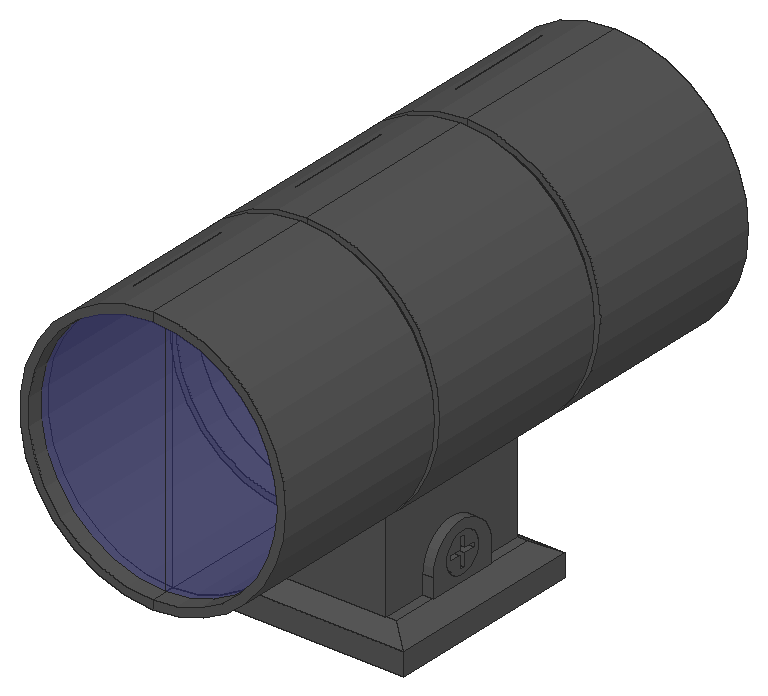
Revit family "CARLO CYLINDER LIGHT WALL MOUNT", category Lighting Fixtures, host Face, Revit 2020 (continued)
Types (10): name | Wattage_Input | Wattage Comments | Wattage | Photometric Web File | built-in parameter 1150142 | Model | built-in parameter 1150105 | Lumens | Light Length 1 | LIGHT RADIUS | LIGHT PLACEMENT | LIGHT LENGTH | LIGHT DIA | built-in parameter 1150106 | FIXED END HEIGHT | Curve base Height | Base Curve | BEAMING ANGLE | Apparent Load
    .38183 \r\n 0.42295 0.46685 0.52619 0.61876 0.72426 0.82577 0.93084 1.0386 1.1574 1.3043 \r\n 1.4523 1.5667 1.688 1.8596 2.0381 2.1894 2.3295 2.4567 2.59 2.7595 \r\n 2.9301 3.0696 3.1991 3.3258 3.4581 3.6089 3.7711 3.9441 4.1208 4.2875 \r\n 4.463 4.6552 4.8828 5.1297 5.5076 6.1471 6.9759 8.0071 9.1156 10.17 \r\n 11.202 12.112 13.166 14.41 16.406 19.865 24.386 29.866 36.118 42.996 \r\n 50.265 57.665 65.122 72.516 79.737 86.599 93.219 99.702 105.9 111.86 \r\n 117.14 121.25 124.33 126.17 127.33 128.31 129.13 130 130.89 131.86 \r\n 132.83 133.72 134.61 135.61 136.64 137.63 138.66 139.82 141.07 142.33 \r\n 143.76 145.52 147.55 149.8 152.43 155.6 159.32 163.55 168.65 174.95 \r\n 182.45 191.08 201.33 213.62 228.03 244.75 263.93 285.48 310.25 339.55 \r\n 371.94 406.26 443.11 482.8 525.03 569.88 616.44 663.88 712.07 760.56 \r\n 809.47 858.86 908.49 958.51 1007.7 1055.2 1100.4 1142.6 1180.8 1213 \r\n 1241.6 1268.6 1294 1318.7 1342.9 1367.9 1391.4 1411.7 1428.6 1441.2 \r\n 1452.3 \r\n1448.4 1444.8 1436.6 1424.2 1408.7 1390.7 1370.7 1349.9 1326.7 1300.1 \r\n 1270.7 1239 1203.9 1163.2 1119.2 1074 1026.8 977.57 927.33 877.33 \r\n 827.14 776.46 726.1 676.81 628.54 581.17 535.59 492.79 452.39 414.27 \r\n 378.58 344.48 314.82 294.06 276.59 257.83 239.25 219.75 202.55 191.68 \r\n 183.66 176.15 169.77 164.42 159.91 156 152.69 149.9 147.5 145.3 \r\n 143.34 141.59 140.07 138.83 137.7 136.53 135.38 134.3 133.25 132.23 \r\n 131.24 130.3 129.4 128.56 127.7 126.79 125.78 124.71 123.36 121.67 \r\n 119.18 115.18 110.25 104.75 98.716 92.317 85.473 77.978 70.371 63.281 \r\n 56.235 48.812 41.478 34.5 28.057 22.353 17.586 14.084 11.661 10.531 \r\n 9.8297 8.5613 7.3301 6.4536 5.7958 5.3447 5.0456 4.8659 4.7276 4.5259 \r\n 4.308 4.0722 3.8597 3.7308 3.6264 3.5039 3.3738 3.2254 3.0794 2.9628 \r\n 2.8468 2.7071 2.5564 2.3927 2.2363 2.1195 2.0044 1.8535 1.6976 1.559 \r\n 1.4252 1.2903 1.1571 1.024 0.89821 0.78874 0.68763 0.58673 0.49558 0.4222 \r\n 0.36294 0.31788 0.28385 0.25897 0.23947 0.21944 0.20348 0.19717 0.1917 0.17775 \r\n 0.16325 0.15393 0.14708 0.14274 0.13846 0.13132 0.12286 0.11276 0.10359 0.099336 \r\n 0.095472 0.087424 0.079359 0.074545 0.071101 0.069427 0.065941 0.055484 0.043174 0.032475 \r\n 0.023185 0.016702 0.0117 0.006992 0.0035606 0.0024808 0.0022895 0.0017011 0.0012585 0.0012127 \r\n 0.0011534 0.00057788 0.000014 0 0 0 0 0 0 0 \r\n 0 0 0 0 0 0 0 0 0.00017022 0.0091247 \r\n 0.018498 0.020715 0.022016 0.026993 0.03301 0.038891 0.044846 0.050821 0.056426 0.060501 \r\n 0.065299 0.073804 0.082654 0.088823 0.094283 0.10013 0.10596 0.11147 0.11748 0.12496 \r\n 0.13316 0.14206 0.15041 0.15609 0.16168 0.16949 0.17827 0.18796 0.19728 0.2039 \r\n 0.21096 0.22151 0.23354 0.24654 0.2625 0.28475 0.30862 0.3278 0.35058 0.38435 \r\n 0.42555 0.46849 0.52695 0.61979 0.72601 0.82897 0.93443 1.0383 1.1535 1.3025 \r\n 1.4531 1.565 1.6841 1.8584 2.0406 2.1933 2.3336 2.4589 2.5908 2.7626 \r\n 2.9361 3.0765 3.2062 3.3327 3.4648 3.6165 3.7799 3.9539 4.1315 4.2986 \r\n 4.4755 4.6722 4.9065 5.1675 5.5512 6.1655 6.9632 7.9811 9.0745 10.096 \r\n 11.091 11.987 12.998 14.11 15.94 19.216 23.596 29.065 35.369 42.352 \r\n 49.707 57.058 64.447 71.846 79.097 85.985 92.654 99.25 105.54 111.45 \r\n 116.69 120.97 124.23 126.13 127.32 128.32 129.15 130.03 130.93 131.9 \r\n 132.87 133.75 134.63 135.64 136.67 137.63 138.64 139.78 141.01 142.23 \r\n 143.61 145.35 147.35 149.52 152.07 155.16 158.81 162.94 167.94 174.16 \r\n 181.57 190.1 200.23 212.35 226.58 243.13 262.14 283.56 308.17 337.15 \r\n 369.23 403.39 440.08 479.48 521.42 566.11 612.57 659.88 707.99 756.49 \r\n 805.42 854.74 904.28 954.22 1003.4 1050.9 1096.2 1138.8 1177.4 1209.7 \r\n 1238.3 1265.3 1290.9 1315.5 1339.7 1365.2 1389.4 1410.2 1427.6 1440.9 \r\n 1452.3 \r\n1448.4 1443.2 1434 1421 1405.1 1387.1 1366.9 1345.1 1321 1293.8 \r\n 1263.9 1231.6 1195.8 1155 1111.1 1065.9 1018.9 969.95 919.97 869.96 \r\n 819.63 768.7 718.14 668.87 620.76 573.78 528.65 486.16 446.08 408.35 \r\n 373.14 339.81 310.65 289.2 271.04 252.58 234.83 216.72 200.84 190.36 \r\n 182.44 175.09 168.84 163.63 159.23 155.38 152.11 149.4 147.06 144.91 \r\n 142.99 141.31 139.84 138.62 137.51 136.38 135.27 134.18 133.12 132.11 \r\n 131.15 130.25 129.38 128.55 127.7 126.77 125.76 124.71 123.35 121.56 \r\n 118.91 114.74 109.64 103.95 97.778 91.399 84.595 77.039 69.34 62.119 \r\n 55.013 47.759 40.669 33.896 27.657 22.142 17.584 14.398 12.234 11.102 \r\n 10.339 9.1365 7.942 6.9435 6.1146 5.5012 5.0746 4.8696 4.7419 4.5367 \r\n 4.3191 4.0934 3.8872 3.7426 3.62 3.4927 3.3636 3.2227 3.0825 2.9579 \r\n 2.8317 2.6879 2.5377 2.3833 2.2348 2.1113 1.9875 1.836 1.6827 1.5498 \r\n 1.4205 1.2818 1.1448 1.0168 0.89656 0.78551 0.68234 0.58421 0.49715 0.4276 \r\n 0.37151 0.32771 0.29394 0.26869 0.24859 0.22831 0.21229 0.20633 0.20097 0.18677 \r\n 0.17192 0.16251 0.15546 0.15027 0.14532 0.13849 0.13073 0.12155 0.11311 0.10871 \r\n 0.10447 0.096311 0.088106 0.083041 0.079061 0.075883 0.071386 0.062351 0.051795 0.041305 \r\n 0.03195 0.026005 0.021441 0.016651 0.01265 0.010239 0.0084615 0.0063901 0.0047449 0.004368 \r\n 0.0039659 0.0019609 0.000047 0 0 0 0 0 0 0 \r\n 0 0 0 0 0 0 0 0 0.00013131 0.0070666 \r\n 0.014265 0.015747 0.016501 0.0201 0.024814 0.030259 0.035986 0.041297 0.046556 0.051285 \r\n 0.057304 0.067758 0.078203 0.084171 0.088874 0.094284 0.099657 0.10459 0.11003 0.11683 \r\n 0.12481 0.13499 0.14454 0.14957 0.15435 0.16274 0.17203 0.18057 0.18906 0.19759 \r\n 0.20637 0.21524 0.22543 0.23917 0.25567 0.27519 0.29671 0.3179 0.34287 0.37497 \r\n 0.4142 0.45742 0.51737 0.6134 0.7225 0.82505 0.93029 1.038 1.157 1.3064 \r\n 1.4558 1.5652 1.6827 1.8616 2.0476 2.1957 2.3317 2.4621 2.6003 2.7741 \r\n 2.9473 3.0844 3.211 3.3392 3.4743 3.6282 3.7938 3.9701 4.1515 4.3261 \r\n 4.5114 4.7119 4.9537 5.238 5.644 6.2643 7.0603 8.0724 9.1562 10.164 \r\n 11.146 12.039 13.026 14.048 15.763 18.892 23.193 28.804 35.301 42.414 \r\n 49.82 57.031 64.268 71.675 78.997 85.992 92.768 99.438 105.75 111.52 \r\n 116.63 120.95 124.3 126.21 127.41 128.47 129.37 130.27 131.16 132.12 \r\n 133.08 133.95 134.84 135.86 136.9 137.84 138.81 139.94 141.14 142.34 \r\n 143.71 145.42 147.39 149.53 152.05 155.14 158.78 162.88 167.84 174.02 \r\n 181.39 189.76 200 213.23 228.58 245.43 264.15 284.35 307.68 336.28 \r\n 368.33 402.64 439.49 478.8 520.53 564.89 611.07 658.39 706.62 755.28 \r\n 804.37 853.72 903.21 952.99 1002 1049.7 1095.1 1137.6 1176.1 1208.2 \r\n 1236.8 1263.8 1289.2 1313.8 1338.1 1363.9 1388.6 1409.8 1427.7 1441.2 \r\n 1452.3 \r\n1448.4 1441.6 1431.4 1417.7 1401.4 1383.2 1362.7 1339.9 1314.7 1287 \r\n 1256.7 1223.8 1187.5 1146.5 1102.7 1057.6 1010.7 962.11 912.41 862.38 \r\n 811.9 760.73 709.97 660.71 612.79 566.23 521.57 479.39 439.61 402.28 \r\n 367.54 335.05 306.39 284.01 264.89 246.65 229.76 213.32 199.02 188.96 \r\n 181.08 173.91 167.81 162.74 158.45 154.67 151.45 148.8 146.54 144.43 \r\n 142.56 140.95 139.55 138.36 137.28 136.2 135.13 134.03 132.97 131.99 \r\n 131.06 130.19 129.36 128.56 127.72 126.8 125.78 124.76 123.39 121.48 \r\n 118.66 114.31 109.04 103.16 96.834 90.461 83.693 76.098 68.328 60.965 \r\n 53.783 46.705 39.876 33.34 27.334 22.012 17.669 14.828 12.951 11.817 \r\n 10.99 9.8693 8.7238 7.5905 6.5642 5.7492 5.155 4.8966 4.7614 4.5509 \r\n 4.338 4.1243 3.925 3.7617 3.6171 3.4829 3.3539 3.2211 3.0874 2.9542 \r\n 2.8169 2.6686 2.5185 2.3741 2.2339 2.1034 1.9703 1.8174 1.6661 1.5397 \r\n 1.416 1.2735 1.1327 1.0097 0.89502 0.78311 0.67858 0.58313 0.49996 0.4344 \r\n 0.38167 0.33918 0.30566 0.27997 0.2592 0.23871 0.22262 0.2168 0.21137 0.19714 \r\n 0.18225 0.1729 0.16569 0.15948 0.15365 0.14709 0.14007 0.13195 0.12434 0.11961 \r\n 0.11479 0.10658 0.098311 0.092926 0.088279 0.083352 0.077702 0.070355 0.061877 0.051669 \r\n 0.042239 0.036819 0.03264 0.027638 0.022931 0.019128 0.01569 0.011956 0.0088958 0.0079819 \r\n 0.007047 0.0034552 0.000084 0 0 0 0 0 0 0 \r\n 0 0 0 0 0 0 0 0 0.000085 0.0046053 \r\n 0.0092418 0.0099949 0.010258 0.012303 0.015493 0.020316 0.025671 0.030257 0.035165 0.040573 \r\n 0.047916 0.060592 0.07288 0.078658 0.082535 0.087436 0.092292 0.096684 0.10158 0.10766 \r\n 0.11532 0.12659 0.13722 0.14175 0.14588 0.15484 0.16459 0.17196 0.17964 0.19023 \r\n 0.20084 0.20791 0.21605 0.2304 0.24723 0.26351 0.28228 0.30579 0.33332 0.36349 \r\n 0.4005 0.44443 0.50637 0.60571 0.71765 0.81935 0.92436 1.0376 1.1621 1.3113 \r\n 1.4588 1.566 1.6825 1.8654 2.0546 2.1968 2.3279 2.4646 2.6106 2.7861 \r\n 2.9583 3.0912 3.2143 3.3446 3.4833 3.6393 3.8068 3.9844 4.1688 4.3518 \r\n 4.5462 4.7502 4.9984 5.304 5.7301 6.3549 7.1463 8.1438 9.2107 10.209 \r\n 11.182 12.074 13.043 13.997 15.623 18.623 22.858 28.626 35.322 42.547 \r\n 49.982 57.046 64.129 71.546 78.947 86.072 92.976 99.717 106.03 111.67 \r\n 116.64 120.98 124.38 126.29 127.49 128.64 129.62 130.53 131.41 132.35 \r\n 133.29 134.17 135.06 136.09 137.14 138.06 139.02 140.12 141.3 142.49 \r\n 143.84 145.53 147.48 149.61 152.12 155.22 158.86 162.95 167.88 174.03 \r\n 181.38 189.57 199.97 214.5 231.17 248.41 266.84 285.65 307.54 335.76 \r\n 367.83 402.36 439.45 478.72 520.27 564.29 610.16 657.5 705.87 754.72 \r\n 803.97 853.41 902.9 952.53 1001.4 1049.1 1094.6 1137 1175.3 1207.3 \r\n 1235.7 1262.6 1288 1312.6 1337 1363.1 1388.1 1409.8 1428 1441.7 \r\n 1452.3 \r\n1448.4 1440.2 1428.9 1414.6 1397.8 1379.3 1358.4 1334.6 1308.4 1280.3 \r\n 1249.7 1216.2 1179.4 1138.4 1094.7 1049.7 1002.9 954.62 905.19 855.12 \r\n 804.48 753.09 702.17 652.93 605.2 559.07 514.9 473.01 433.49 396.5 \r\n 362.2 330.55 302.38 279.02 258.86 240.72 224.61 209.89 197.26 187.58 \r\n 179.71 172.71 166.77 161.84 157.66 153.94 150.75 148.17 145.96 143.91 \r\n 142.09 140.55 139.22 138.07 137.02 136 134.98 133.89 132.83 131.87 \r\n 130.98 130.16 129.37 128.6 127.79 126.87 125.85 124.86 123.48 121.44 \r\n 118.44 113.94 108.5 102.42 95.936 89.542 82.789 75.176 67.362 59.865 \r\n 52.61 45.696 39.118 32.821 27.054 21.924 17.791 15.293 13.7 12.569 \r\n 11.684 10.653 9.5626 8.2992 7.0749 6.0452 5.266 4.9375 4.7824 4.566 \r\n 4.3608 4.1595 3.967 3.7843 3.6169 3.4747 3.3448 3.2196 3.0923 2.951 \r\n 2.8034 2.6504 2.5 2.3649 2.2328 2.0956 1.9536 1.7984 1.6483 1.5286 \r\n 1.4108 1.2653 1.1209 1.0022 0.89255 0.78049 0.67534 0.58223 0.50238 0.44062 \r\n 0.39119 0.35004 0.31684 0.29072 0.26931 0.24876 0.23271 0.22681 0.22113 0.20709 \r\n 0.19242 0.18327 0.17596 0.16868 0.16188 0.15551 0.14918 0.14217 0.1354 0.1302 \r\n 0.12468 0.11651 0.10829 0.10257 0.097208 0.090518 0.083731 0.078181 0.071867 0.061883 \r\n 0.052282 0.047335 0.043485 0.038158 0.032682 0.027622 0.022695 0.017392 0.012957 0.011437 \r\n 0.0099099 0.0048309 0.00011815 0 0 0 0 0 0 0 \r\n 0 0 0 0 0 0 0 0 0.000039 0.0021224 \r\n 0.004222 0.0044241 0.0043893 0.0049795 0.006678 0.010802 0.015711 0.019649 0.02428 0.030303 \r\n 0.038862 0.053652 0.067718 0.073367 0.076506 0.080915 0.085281 0.089253 0.093722 0.099165 \r\n 0.10648 0.11846 0.12986 0.13413 0.13792 0.14735 0.15743 0.16375 0.17075 0.1833 \r\n 0.19563 0.20096 0.20708 0.22184 0.23881 0.25184 0.26789 0.29368 0.32373 0.35201 \r\n 0.38693 0.43181 0.49582 0.5979 0.71206 0.81274 0.91758 1.0368 1.1671 1.316 \r\n 1.4614 1.5671 1.6831 1.8691 2.0602 2.1965 2.3227 2.4657 2.6195 2.7965 \r\n 2.9674 3.0961 3.2156 3.3482 3.4905 3.6482 3.8168 3.9943 4.1801 4.3707 \r\n 4.5733 4.7802 5.0331 5.3549 5.794 6.4153 7.1928 8.1635 9.2037 10.191 \r\n 11.159 12.051 13.006 13.912 15.47 18.358 22.535 28.441 35.306 42.608 \r\n 50.049 56.981 63.932 71.361 78.842 86.104 93.145 99.96 106.28 111.8 \r\n 116.65 121 124.45 126.35 127.56 128.78 129.83 130.76 131.63 132.56 \r\n 133.48 134.36 135.26 136.3 137.35 138.27 139.2 140.28 141.44 142.62 \r\n 143.98 145.65 147.58 149.7 152.21 155.32 158.97 163.06 167.99 174.1 \r\n 181.41 189.44 200 215.78 233.72 251.33 269.49 286.97 307.48 335.33 \r\n 367.45 402.19 439.53 478.79 520.19 563.86 609.43 656.78 705.28 754.29 \r\n 803.7 853.26 902.8 952.31 1001.1 1048.8 1094.3 1136.5 1174.5 1206.4 \r\n 1234.8 1261.6 1287 1311.6 1336.2 1362.5 1387.7 1409.8 1428.3 1442.2 \r\n 1452.3 \r\n1448.4 1439 1426.8 1411.8 1394.5 1375.6 1354.3 1329.5 1302.4 1274 \r\n 1243.3 1209.2 1172.1 1131.2 1087.8 1042.7 996.1 948.03 898.8 848.67 \r\n 797.87 746.34 695.32 646.12 598.57 552.88 509.17 467.52 428.22 391.49 \r\n 357.55 326.65 298.92 274.73 253.66 235.48 219.93 206.79 195.71 186.36 \r\n 178.46 171.61 165.8 160.99 156.91 153.24 150.09 147.55 145.4 143.39 \r\n 141.63 140.16 138.9 137.79 136.79 135.82 134.84 133.77 132.72 131.8 \r\n 130.95 130.17 129.42 128.69 127.9 127 126 125.03 123.63 121.46 \r\n 118.29 113.65 108.05 101.78 95.137 88.68 81.908 74.293 66.468 58.868 \r\n 51.554 44.778 38.413 32.331 26.782 21.835 17.901 15.708 14.369 13.25 \r\n 12.326 11.381 10.345 8.9743 7.577 6.3454 5.3868 4.9832 4.8012 4.5796 \r\n 4.3841 4.1937 4.0069 3.8066 3.6183 3.4682 3.3365 3.2174 3.0956 2.9479 \r\n 2.7918 2.6344 2.4833 2.3557 2.2302 2.0876 1.9381 1.7797 1.6297 1.5163 \r\n 1.4045 1.2567 1.1094 0.99387 0.8881 0.7766 0.67166 0.58025 0.50278 0.44428 \r\n 0.39783 0.35804 0.32533 0.29888 0.27697 0.25661 0.24077 0.23456 0.22848 0.21479 \r\n 0.2006 0.19178 0.18445 0.1762 0.16847 0.16218 0.15639 0.15038 0.14437 0.13861 \r\n 0.13235 0.12436 0.11637 0.11033 0.1043 0.096061 0.088317 0.08451 0.080213 0.070263 \r\n 0.060308 0.055741 0.052165 0.046416 0.040185 0.034193 0.028196 0.021693 0.016175 0.014115 \r\n 0.012068 0.0058581 0.00014381 0 0 0 0 0 0 0 \r\n 0 0 0 0 0 0 0 0 0 0 \r\n 0 0 0 0 0 0.0034582 0.0079181 0.011424 0.015933 0.022409 \r\n 0.031869 0.048286 0.063746 0.069378 0.072026 0.07605 0.080041 0.0838 0.088055 0.093055 \r\n 0.10004 0.1122 0.12389 0.12825 0.13211 0.14181 0.152 0.15756 0.16411 0.17829 \r\n 0.19198 0.19585 0.20022 0.21512 0.23201 0.24233 0.25614 0.28375 0.31586 0.34316 \r\n 0.37597 0.42188 0.48763 0.59117 0.70633 0.80605 0.9109 1.0353 1.1707 1.3191 \r\n 1.4628 1.568 1.6841 1.8714 2.0629 2.1943 2.3168 2.4649 2.6247 2.803 \r\n 2.9729 3.098 3.2145 3.3492 3.4946 3.6532 3.8218 3.9971 4.1821 4.3777 \r\n 4.5862 4.7955 5.0504 5.3797 5.8201 6.4234 7.1717 8.0996 9.1005 10.074 \r\n 11.036 11.926 12.872 13.747 15.255 18.048 22.163 28.156 35.129 42.457 \r\n 49.878 56.713 63.58 71.023 78.575 85.968 93.143 100.04 106.39 111.84 \r\n 116.62 120.98 124.46 126.36 127.59 128.87 129.99 130.93 131.8 132.71 \r\n 133.61 134.48 135.39 136.43 137.48 138.4 139.33 140.38 141.52 142.7 \r\n 144.06 145.71 147.63 149.75 152.27 155.38 159.04 163.14 168.05 174.12 \r\n 181.38 189.26 199.94 216.68 235.58 253.48 271.4 287.82 307.22 334.76 \r\n 366.88 401.78 439.3 478.56 519.84 563.21 608.49 655.81 704.39 753.5 \r\n 803.04 852.74 902.37 951.82 1000.5 1048.3 1093.8 1135.7 1173.4 1205.3 \r\n 1233.8 1260.5 1285.9 1310.7 1335.4 1361.9 1387.3 1409.7 1428.5 1442.5 \r\n 1452.3 \r\n1448.4 1438.9 1426.3 1410.7 1392.7 1373.1 1351.1 1326 1298.7 1270.5 \r\n 1239.9 1206 1168.9 1128.4 1085.4 1040.5 993.9 945.68 896.25 845.93 \r\n 795.05 743.68 692.88 643.71 596.23 550.95 507.65 466.1 426.78 389.96 \r\n 356 325.34 297.97 274.28 253.5 234.84 218.8 205.97 195.3 185.93 \r\n 177.94 171.12 165.36 160.58 156.52 152.85 149.7 147.15 144.99 143.02 \r\n 141.31 139.9 138.69 137.65 136.7 135.76 134.83 133.81 132.82 131.94 \r\n 131.12 130.35 129.61 128.91 128.18 127.34 126.39 125.44 124.02 121.74 \r\n 118.45 113.77 108.12 101.71 94.875 88.153 81.176 73.603 65.899 58.394 \r\n 51.157 44.394 38.026 31.953 26.447 21.646 17.864 15.738 14.443 13.382 \r\n 12.507 11.592 10.573 9.2118 7.7975 6.4871 5.4435 5.0009 4.8018 4.5824 \r\n 4.3953 4.2036 4.0133 3.8097 3.6177 3.4638 3.3287 3.207 3.0842 2.9388 \r\n 2.785 2.6258 2.4721 2.3429 2.2164 2.0747 1.9252 1.7614 1.6068 1.4962 \r\n 1.3887 1.2425 1.0955 0.97825 0.87113 0.76171 0.65897 0.56671 0.48808 0.43012 \r\n 0.38494 0.34711 0.31624 0.29034 0.26885 0.25007 0.23543 0.22825 0.22127 0.20836 \r\n 0.1953 0.18712 0.18012 0.1717 0.16359 0.15695 0.15091 0.14505 0.13914 0.13277 \r\n 0.12612 0.11904 0.11205 0.10596 0.099639 0.091288 0.083747 0.081209 0.07781 0.066542 \r\n 0.055024 0.050461 0.047087 0.040581 0.033817 0.028627 0.023825 0.018339 0.013668 0.011927 \r\n 0.010197 0.00495 0.00012152 0 0 0 0 0 0 0 \r\n 0 0 0 0 0 0 0 0 0.000017 0.00073677 \r\n 0.0019105 0.0037121 0.0055617 0.0064359 0.0078388 0.011314 0.01572 0.020159 0.025453 0.031591 \r\n 0.040173 0.05514 0.069459 0.075509 0.078996 0.083374 0.087777 0.09241 0.097519 0.10318 \r\n 0.1101 0.12005 0.12989 0.13589 0.14171 0.15077 0.16005 0.16631 0.17367 0.18763 \r\n 0.20085 0.20457 0.20853 0.22276 0.23935 0.25094 0.26584 0.29223 0.32311 0.35095 \r\n 0.38548 0.43181 0.49629
